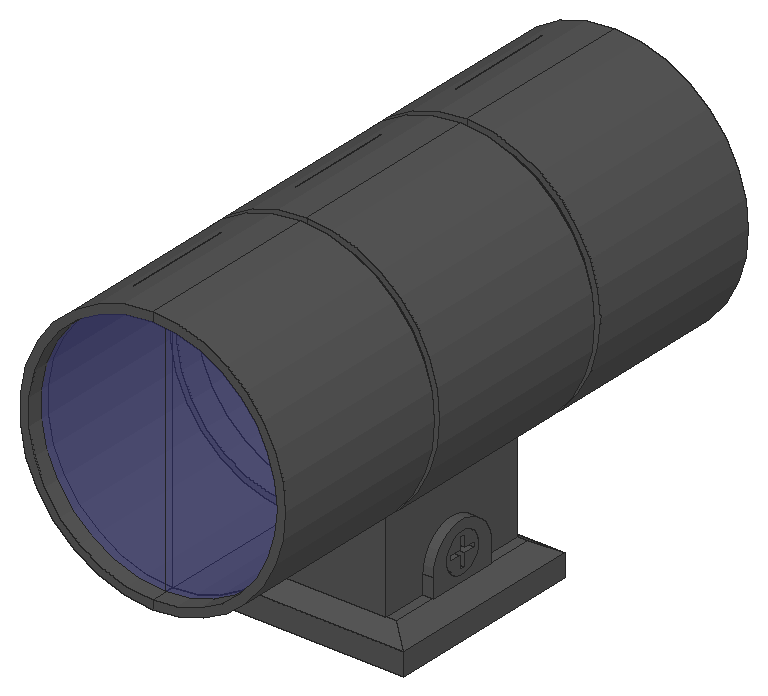
Revit family "CARLO CYLINDER LIGHT WALL MOUNT", category Lighting Fixtures, host Face, Revit 2020 (continued)
Types (10): name | Wattage_Input | Wattage Comments | Wattage | Photometric Web File | built-in parameter 1150142 | Model | built-in parameter 1150105 | Lumens | Light Length 1 | LIGHT RADIUS | LIGHT PLACEMENT | LIGHT LENGTH | LIGHT DIA | built-in parameter 1150106 | FIXED END HEIGHT | Curve base Height | Base Curve | BEAMING ANGLE | Apparent Load
    3 595.6 606.81 617.85 \r\n 628.64 639.17 649.41 659.28 668.84 678.07 687.17 696.46 705.55 714.17 \r\n 722.3 729.76 736.83 743.7 750.55 757.77 764.88 771.47 777.7 783.55 \r\n 789.2 794.88 800.41 805.76 810.75 815 819.07 823.59 827.93 831.5 \r\n 834.71 837.79 840.6 843 845.14 847.24 848.99 850.12 850.8 851.11 \r\n 849.27 \r\n2.1273 851.12 850.66 849.56 848.06 846.38 844.47 842.41 840 836.94 \r\n 833.69 830.71 827.64 824.21 820.54 816.6 812.53 808.52 804.31 799.68 \r\n 794.66 789.22 783.38 777.04 770.6 764.63 758.51 751.8 744.46 736.06 \r\n 727.34 719.15 710.76 701.62 691.97 681.65 671.21 661.33 651.38 640.86 \r\n 630.08 619.28 608.21 596.62 584.78 572.89 560.78 548.24 535.53 522.57 \r\n 510.26 499.9 490.27 480.54 470.91 461.23 451.8 443.03 434.43 425.48 \r\n 416.63 408.31 400.05 391.45 382.76 374.18 365.48 356.5 347.26 337.9 \r\n 327.89 317.31 304.61 287.55 268.29 248.14 227.54 207.39 187.64 168.59 \r\n 150 131.73 113.88 96.365 79.607 63.654 49.586 38.623 30.385 25.354 \r\n 22.155 19.584 17.605 15.731 14.118 12.752 11.657 10.909 10.332 9.7704 \r\n 9.242 8.6933 8.1829 7.7653 7.399 7.0605 6.7498 6.4603 6.1883 5.9249 \r\n 5.679 5.4659 5.2585 5.0271 4.7957 4.5788 4.3748 4.1924 4.0162 3.8288 \r\n 3.6444 3.474 3.3097 3.1481 2.9877 2.8212 2.6625 2.5284 2.4026 2.2712 \r\n 2.1428 2.0208 1.9067 1.8065 1.7113 1.6122 1.5158 1.4262 1.3421 1.2666 \r\n 1.1944 1.1205 1.048 0.97769 0.91156 0.85315 0.79882 0.74653 0.69503 0.64035 \r\n 0.58861 0.54738 0.50838 0.46327 0.41984 0.38545 0.35303 0.31538 0.28022 0.25467 \r\n 0.23332 0.21352 0.19414 0.17121 0.15064 0.14188 0.13039 0.098434 0.06498 0.046209 \r\n 0.032779 0.020047 0.010093 0.0036939 0.00011595 0 0 0 0 0 \r\n 0 0 0 0 0 0 0.00033901 0.018519 0.038476 0.046164 \r\n 0.053024 0.06748 0.084542 0.10118 0.11994 0.14375 0.16847 0.19053 0.21114 0.22899 \r\n 0.24818 0.2733 0.30171 0.332 0.3651 0.40146 0.44105 0.48567 0.53041 0.56809 \r\n 0.60734 0.6564 0.70919 0.76205 0.81586 0.86898 0.92525 0.98863 1.0571 1.1315 \r\n 1.2067 1.2741 1.3453 1.4363 1.537 1.6439 1.7523 1.8514 1.9556 2.0781 \r\n 2.2113 2.3554 2.5 2.6298 2.7601 2.902 3.0527 3.2163 3.3832 3.5386 \r\n 3.7013 3.8917 4.0894 4.2768 4.4658 4.6619 4.8667 5.0891 5.3129 5.5154 \r\n 5.7245 5.9641 6.2243 6.5038 6.8013 7.1118 7.4451 7.8074 8.2031 8.6434 \r\n 9.1144 9.5891 10.118 10.699 11.461 12.541 13.909 15.599 17.563 19.697 \r\n 22.204 24.829 28.842 35.288 44.586 58.085 74.043 91.122 109.46 128.81 \r\n 148.96 169.7 190.71 211.7 232.48 253.05 272.66 290.48 306.7 321.42 \r\n 334.05 343.39 351.44 360.07 368.47 376.23 383.94 392.22 400.48 408.11 \r\n 415.75 423.96 432.45 441.11 450.01 459.17 468.54 477.99 487.78 498.12 \r\n 509.12 521.12 533.59 546.08 558.66 571.42 583.89 595.51 606.72 617.83 \r\n 628.69 639.32 649.62 659.44 668.95 678.27 687.41 696.55 705.43 713.8 \r\n 721.81 729.56 736.95 743.74 750.42 757.54 764.61 771.32 777.67 783.42 \r\n 788.96 794.75 800.43 805.8 810.83 815.31 819.57 824.05 828.26 831.76 \r\n 834.89 837.92 840.68 843.07 845.22 847.29 849.02 850.14 850.81 851.09 \r\n 849.27 \r\n2.1273 851.18 850.74 849.53 847.92 846.29 844.42 842.24 839.76 836.89 \r\n 833.81 830.74 827.51 824.07 820.4 816.42 812.32 808.35 804.17 799.45 \r\n 794.36 788.97 783.28 777.26 771.03 764.77 758.28 751.48 744.13 735.69 \r\n 726.92 718.64 710.15 700.92 691.22 681.05 670.72 660.62 650.42 639.91 \r\n 629.17 618.26 607.1 595.6 583.82 571.75 559.45 546.93 534.32 521.49 \r\n 509.26 498.68 488.83 479.06 469.51 460 450.7 441.85 433.11 424.12 \r\n 415.25 406.91 398.61 389.89 381.11 372.59 363.97 354.96 345.67 336.33 \r\n 326.29 315.35 302.28 285.12 265.92 245.99 225.65 205.69 186.02 166.83 \r\n 148.09 129.76 111.98 94.75 78.337 62.635 48.756 37.875 29.704 24.836 \r\n 21.796 19.301 17.366 15.523 13.936 12.607 11.547 10.826 10.267 9.7053 \r\n 9.1736 8.6332 8.1342 7.7276 7.3719 7.043 6.7397 6.4525 6.1819 5.9235 \r\n 5.6826 5.471 5.2642 5.0333 4.8032 4.5911 4.3919 4.2105 4.0335 3.8442 \r\n 3.6581 3.4884 3.3253 3.1619 3.0016 2.8432 2.6922 2.5575 2.4279 2.2912 \r\n 2.1585 2.0385 1.9259 1.8186 1.7165 1.6184 1.5249 1.4368 1.3532 1.2764 \r\n 1.2033 1.1313 1.061 0.99096 0.9246 0.86615 0.81178 0.75923 0.70797 0.65525 \r\n 0.60547 0.56446 0.5252 0.47985 0.43668 0.40429 0.37385 0.33639 0.30094 0.27508 \r\n 0.25419 0.23791 0.22101 0.19495 0.16929 0.15405 0.13933 0.11612 0.091861 0.071959 \r\n 0.0536 0.034786 0.018472 0.0071598 0.00021222 0 0 0 0 0 \r\n 0 0 0 0 0 0 0.00021519 0.011785 0.024598 0.029613 \r\n 0.034756 0.045387 0.060168 0.080404 0.10353 0.12812 0.15211 0.17227 0.19076 0.20714 \r\n 0.22588 0.25323 0.28335 0.31067 0.34055 0.37751 0.41851 0.46349 0.50808 0.54446 \r\n 0.58287 0.63403 0.6887 0.73964 0.79149 0.84608 0.90458 0.96945 1.0386 1.1121 \r\n 1.1863 1.2543 1.3267 1.4173 1.5163 1.6197 1.7235 1.8168 1.9166 2.0403 \r\n 2.176 2.3197 2.4647 2.5996 2.7345 2.8753 3.0232 3.1841 3.3493 3.5069 \r\n 3.6718 3.8606 4.0561 4.2428 4.4323 4.6318 4.839 5.0578 5.2776 5.4814 \r\n 5.6927 5.9324 6.1923 6.4717 6.7692 7.0799 7.4128 7.7727 8.1662 8.6077 \r\n 9.0779 9.5421 10.062 10.649 11.42 12.501 13.875 15.591 17.586 19.746 \r\n 22.267 24.869 28.869 35.413 44.725 57.854 73.473 90.624 109.26 129.18 \r\n 149.84 170.62 191.53 212.54 233.21 253.18 272.26 290.3 306.93 321.83 \r\n 334.62 344.14 352.32 360.94 369.3 377.09 384.84 393.14 401.4 409.01 \r\n 416.64 424.91 433.46 442.1 450.99 460.28 469.78 479.26 488.97 498.93 \r\n 509.52 521.35 533.74 546.18 558.73 571.34 583.68 595.25 606.46 617.63 \r\n 628.58 639.31 649.69 659.48 668.97 678.39 687.62 696.59 705.24 713.35 \r\n 721.23 729.31 737.06 743.81 750.34 757.32 764.31 771.11 777.57 783.28 \r\n 788.78 794.65 800.43 805.8 810.87 815.6 820.08 824.49 828.56 831.97 \r\n 835.02 837.99 840.73 843.13 845.3 847.34 849.03 850.15 850.82 851.09 \r\n 849.27 \r\n2.1273 851.25 850.8 849.5 847.8 846.2 844.38 842.09 839.53 836.84 \r\n 833.94 830.78 827.43 823.95 820.27 816.27 812.14 808.19 804.02 799.21 \r\n 794.06 788.7 783.13 777.44 771.45 764.91 758.04 751.12 743.73 735.26 \r\n 726.46 718.08 709.48 700.14 690.4 680.38 670.16 659.84 649.4 638.91 \r\n 628.23 617.21 605.94 594.54 582.83 570.57 558.08 545.56 533.04 520.37 \r\n 508.22 497.44 487.36 477.56 468.06 458.72 449.57 440.62 431.75 422.72 \r\n 413.83 405.46 397.11 388.28 379.41 370.97 362.43 353.39 344.04 334.74 \r\n 324.64 313.29 299.82 282.58 263.47 243.8 223.75 203.97 184.37 165.04 \r\n 146.1 127.69 109.93 92.965 76.885 61.455 47.801 37.036 28.964 24.286 \r\n 21.423 19.01 17.117 15.307 13.746 12.455 11.431 10.738 10.198 9.6378 \r\n 9.1046 8.5738 8.0872 7.6926 7.3482 7.0288 6.7323 6.4469 6.1773 5.9239 \r\n 5.6877 5.4772 5.2705 5.0401 4.8117 4.6046 4.41 4.2291 4.0509 3.8592 \r\n 3.6711 3.5024 3.3405 3.1752 3.0146 2.8641 2.7207 2.5854 2.4519 2.3098 \r\n 2.1727 2.0546 1.9437 1.83 1.7214 1.6243 1.5337 1.4468 1.3637 1.286 \r\n 1.2121 1.1418 1.0734 1.0037 0.93725 0.87888 0.82454 0.77167 0.72053 0.66959 \r\n 0.62161 0.58079 0.5413 0.49581 0.45296 0.42239 0.39379 0.35673 0.32117 0.29477 \r\n 0.27396 0.2607 0.24599 0.2173 0.18713 0.16549 0.14742 0.13256 0.1172 0.096394 \r\n 0.073488 0.048895 0.026494 0.010481 0.00030422 0 0 0 0 0 \r\n 0 0 0 0 0 0 0.000097 0.0051584 0.011185 0.014546 \r\n 0.01901 0.026307 0.038934 0.062391 0.08941 0.11459 0.13784 0.15626 0.17281 0.1879 \r\n 0.20625 0.23563 0.26732 0.2921 0.31916 0.35649 0.39849 0.44346 0.48766 0.52296 \r\n 0.56078 0.61379 0.67006 0.7192 0.76927 0.82535 0.88598 0.95198 1.0216 1.094 \r\n 1.1673 1.2361 1.3097 1.3996 1.4966 1.5963 1.6956 1.7835 1.8792 2.0038 \r\n 2.1415 2.2846 2.4298 2.5699 2.7094 2.8489 2.9939 3.1525 3.3163 3.4759 \r\n 3.6426 3.8295 4.0228 4.2089 4.399 4.6016 4.8111 5.0262 5.2423 5.4479 \r\n 5.662 5.9013 6.1603 6.4396 6.737 7.0472 7.379 7.7364 8.1275 8.5701 \r\n 9.0399 9.4948 10.007 10.598 11.376 12.453 13.828 15.567 17.589 19.773 \r\n 22.305 24.879 28.858 35.497 44.811 57.533 72.763 89.93 108.79 129.19 \r\n 150.29 171.06 191.84 212.85 233.42 252.83 271.45 289.73 306.77 321.89 \r\n 334.87 344.62 352.98 361.63 369.97 377.82 385.61 393.92 402.18 409.79 \r\n 417.45 425.78 434.38 442.99 451.86 461.24 470.83 480.35 489.98 499.57 \r\n 509.75 521.39 533.66 546.06 558.56 571.04 583.26 594.78 606.01 617.22 \r\n 628.25 639.09 649.56 659.34 668.82 678.38 687.69 696.51 704.93 712.81 \r\n 720.59 728.99 737.08 743.84 750.26 757.09 763.96 770.82 777.37 783.09 \r\n 788.6 794.51 800.34 805.73 810.85 815.82 820.51 824.85 828.78 832.1 \r\n 835.09 838.02 840.74 843.18 845.38 847.37 849.01 850.14 850.82 851.09 \r\n 849.27 \r\n2.1273 851.29 850.84 849.47 847.7 846.14 844.34 841.97 839.36 836.83 \r\n 834.08 830.87 827.42 823.91 820.21 816.2 812.06 808.09 803.88 799.01 \r\n 793.8 788.48 783.03 777.66 771.89 765.1 757.89 750.83 743.36 734.87 \r\n 726.05 717.57 708.84 699.4 689.62 679.73 669.6 659.09 648.45 637.99 \r\n 627.38 616.26 604.9 593.57 581.92 569.52 556.86 544.33 531.86 519.33 \r\n 507.28 496.34 486.07 476.23 466.77 457.57 448.53 439.5 430.5 421.45 \r\n 412.54 404.12 395.71 386.78 377.85 369.46 361 351.93 342.53 333.26 \r\n 323.09 311.31 297.43 280.14 261.17 241.79 222.05 202.43 182.88 163.4 \r\n 144.28 125.76 107.99 91.217 75.411 60.234 46.809 36.186 28.243 23.762 \r\n 21.078 18.742 16.887 15.106 13.568 12.311 11.321 10.654 10.132 9.5756 \r\n 9.0437 8.5231 8.0488 7.6659 7.332 7.0206 6.7296 6.4453 6.176 5.9267 \r\n 5.6943 5.484 5.2768 5.0472 4.8205 4.6178 4.4271 4.246 4.0661 3.8718 \r\n 3.6816 3.514 3.3534 3.1861 3.0248 2.8807 2.7437 2.6078 2.4711 2.324 \r\n 2.1828 2.0667 1.9576 1.8389 1.7253 1.6289 1.5404 1.4546 1.3719 1.2937 \r\n 1.2195 1.1502 1.0831 1.0136 0.94719 0.88897 0.83469 0.78153 0.73041 0.68077 \r\n 0.63414 0.59345 0.5538 0.50827 0.46573 0.43649 0.40927 0.37278 0.33731 0.31016 \r\n 0.28897 0.27777 0.26466 0.2343 0.20097 0.17395 0.15285 0.1446 0.13641 0.11504 \r\n 0.088725 0.059765 0.032722 0.013071 0.00037568 0 0 0 0 0 \r\n 0 0 0 0 0 0 0 0 0 0.0029607 \r\n 0.0079125 0.012896 0.023841 0.04963 0.079451 0.105 0.12763 0.14477 0.15988 0.17394 \r\n 0.19194 0.2228 0.25569 0.27882 0.30396 0.34137 0.38376 0.42826 0.47183 0.50651 \r\n 0.54413 0.59837 0.65562 0.70328 0.75199 0.80947 0.87191 0.93842 1.008 1.0795 \r\n 1.1521 1.2218 1.2964 1.3853 1.4803 1.5769 1.6725 1.7578 1.849 1.9738 \r\n 2.1126 2.2552 2.4008 2.5452 2.6886 2.8269 2.9692 3.1262 3.2893 3.45 \r\n 3.6178 3.8028 3.9939 4.1797 4.3705 4.5757 4.7868 4.9987 5.2115 5.4194 \r\n 5.6363 5.8749 6.1324 6.4116 6.7086 7.0175 7.3474 7.7023 8.0914 8.5341 \r\n 9.0029 9.4507 9.9562 10.55 11.33 12.398 13.769 15.525 17.569 19.772 \r\n 22.311 24.849 28.791 35.487 44.766 57.082 71.913 89.028 108.01 128.71 \r\n 150.08 170.8 191.45 212.43 232.91 251.9 270.19 288.69 306.11 321.49 \r\n 334.71 344.74 353.32 362.03 370.38 378.3 386.15 394.45 402.71 410.37 \r\n 418.08 426.47 435.11 443.66 452.47 461.89 471.53 481.08 490.63 499.9 \r\n 509.72 521.14 533.28 545.62 558.09 570.46 582.58 594.09 605.32 616.56 \r\n 627.64 638.58 649.15 658.95 668.44 678.14 687.54 696.23 704.46 712.16 \r\n 719.88 728.55 736.93 743.76 750.13 756.81 763.53 770.42 777.04 782.81 \r\n 788.36 794.28 800.11 805.52 810.73 815.92 820.79 825.08 828.88 832.13 \r\n 835.08 837.99 840.71 843.21 845.45 847.4 848.98 850.1 850.8 851.09 \r\n 849.27 \r\n2.1273 851.19 850.66 849.41 847.77 846.17 844.32 842.02 839.5 836.97 \r\n 834.23 831.14 827.81 824.33 820.64 816.69 812.59 808.5 804.16 799.2 \r\n 794 788.87 783.65 778.38 772.65 765.89 758.65 751.42 743.76 735.24 \r\n 726.4 717.83 709.01 699.45 689.55 679.61 669.46 658.96 648.37 638.04 \r\n 627.53 616.4 605 593.64 581.99 569.68 557.09 544.47 531.91 519.41 \r\n 507.43 496.62 486.44 476.57 467.02 457.72 448.6 439.54 430.53 421.46 \r\n 412.52 404 395.5 386.53 377.57 369.16 360.68 351.59 342.17 332.89 \r\n 322.64 310.52 296.38 279.25 260.6 241.61 222.19 202.61 182.99 163.5 \r\n 144.35 125.73 107.84 90.901 74.956 59.745 46.355 35.846 28.04 23.663 \r\n 21.055 18.743 16.889 15.106 13.562 12.305 11.315 10.651 10.134 9.5886 \r\n 9.0676 8.5512 8.0793 7.7008 7.3697 7.0557 6.7606 6.4743 6.203 5.9496 \r\n 5.7131 5.4995 5.2904 5.0614 4.8358 4.6324 4.4401 4.2565 4.0736 3.8759 \r\n 3.6832 3.5169 3.3577 3.1888 3.0243 2.8755 2.7346 2.6 2.4651 2.3165 \r\n 2.1737 2.0587 1.9518 1.8366 1.7257 1.6284 1.5382 1.4509 1.3677 1.2914 \r\n 1.2187 1.1473 1.0774 1.0071 0.94036 0.88194 0.82764 0.77482 0.72363 0.67225 \r\n 0.62388 0.58316 0.54384 0.49823 0.45522 0.42454 0.39606 0.36016 0.32517 0.29653 \r\n 0.2733 0.25984 0.24564 0.21795 0.18793 0.16273 0.14156 0.12859 0.11599 0.095492 \r\n 0.072574 0.049092 0.027625 0.011182 0.00031737 0 0 0 0 0 \r\n 0 0 0 0 0 0 0.000026 0.00048063 0.0030266 0.010313 \r\n 0.019786 0.027906 0.040278 0.063966 0.091043 0.11579 0.13864 0.15742 0.17414 0.18809 \r\n 0.20527 0.23448 0.26664 0.29308 0.32136 0.35753 0.39749 0.44008 0.48259 0.51892 \r\n 0.55803 0.61028 0.66526 0.71302 0.76248 0.82075 0.88324 0.94719 1.0142 1.086 \r\n 1.1597 1.231 1.3068 1.3941 1.4874 1.5855 1.6839 1.7713 1.8666 1.9897 \r\n 2.1263 2.2697 2.4162 2.5591 2.7009 2.8387 2.9814 3.1409 3.3056 3.4631 \r\n 3.6268 3.8106 4.0015 4.1879 4.3793 4.5835 4.7933 5.0038 5.2161 5.4263 \r\n 5.6451 5.8822 6.1373 6.4155 6.7107 7.0143 7.3394 7.6953 8.0847 8.5202 \r\n 8.9818 9.4302 9.9362 10.526 11.294 12.334 13.68 15.434 17.481 19.687 \r\n 22.204 24.679 28.496 34.95 43.952 56.038 70.635 87.501 106.17 126.35 \r\n 147.24 167.85 188.49 209.39 229.87 249.16 267.75 286.15 303.52 319.43 \r\n 333.27 343.64 352.45 361.28 369.7 377.72 385.64 393.9 402.12 409.94 \r\n 417.83 426.24 434.82 443.23 451.87 461.11 470.6 480.06 489.57 498.84 \r\n 508.63 519.87 531.81 544.05 556.47 568.91 581.12 592.67 603.9 615.05 \r\n 626.05 637.03 647.69 657.61 667.22 676.95 686.35 695.05 703.31 711.14 \r\n 718.97 727.62 736 743.02 749.57 756.22 762.85 769.67 776.25 782.07 \r\n 787.66 793.48 799.23 804.77 810.14 815.41 820.33 824.64 828.46 831.77 \r\n 834.79 837.8 840.63 843.22 845.51 847.41 848.91 849.97 850.65 851.03 \r\n 849.27 \r\n2.1273 851.06 850.46 849.34 847.87 846.21 844.3 842.11 839.7 837.13 \r\n 834.38 831.44 828.27 824.81 821.12 817.25 813.18 808.97 804.47 799.43 \r\n 794.25 789.34 784.33 779.11 773.39 766.71 759.49 752.08 744.23 735.66 \r\n 726.8 718.16 709.24 699.57 689.57 679.54 669.35 658.9 648.4 638.19 \r\n 627.77 616.65 605.22 593.82 582.16 569.97 557.48 544.77 532.09 519.6 \r\n 507.7 497.05 487.02 477.11 467.46 458.04 448.81 439.72 430.71 421.62 \r\n 412.65 404.04 395.43 386.43 377.45 369 360.47 351.38 341.95 332.64 \r\n 322.3 309.86 295.47 278.52 260.2 241.59 222.48 202.91 183.23 163.75 \r\n 144.59 125.88 107.84 90.672 74.519 59.248 45.891 35.524 27.882 23.605 \r\n 21.06 18.765 16.906 15.118 13.568 12.306 11.314 10.649 10.135 9.6029 \r\n 9.0957 8.5843 8.1148 7.7397 7.4099 7.0917 6.7913 6.5028 6.2292 5.9709 \r\n 5.7293 5.512 5.3006 5.0723 4.8477 4.643 4.4483 4.2618 4.0758 3.875 \r\n 3.6803 3.5151 3.3572 3.1868 3.0192 2.864 2.7178 2.5846 2.4524 2.3032 \r\n 2.1598 2.0454 1.9405 1.8303 1.7236 1.6253 1.5326 1.4436 1.3599 1.2858 \r\n 1.2149 1.1408 1.0677 0.99661 0.92985 0.87131 0.81702 0.76456 0.71321 0.65975 \r\n 0.6093 0.56846 0.52948 0.48392 0.44049 0.40787 0.3777 0.34253 0.30825 0.27809 \r\n 0.25254 0.2358 0.21987 0.19588 0.17062 0.14852 0.12778 0.1082 0.089253 0.069917 \r\n 0.051506 0.034845 0.020383 0.0083781 0.00023442 0 0 0 0 0 \r\n 0 0 0 0 0 0 0.000075 0.0026712 0.008619 0.020951 \r\n 0.035511 0.047636 0.061882 0.082509 0.10574 0.12959 0.1529 0.17371 0.19245 0.20663 \r\n 0.22311 0.25011 0.2811 0.31152 0.3437 0.37852 0.41571 0.45605 0.4973 0.53566 \r\n 0.57655 0.62624 0.67838 0.72662 0.77726 0.83613 0.89828 0.9592 1.0234 1.0957 \r\n 1.1706 1.2436 1.3204 1.4057 1.4975 1.5978 1.6998 1.7923 1.8914 2.0124 \r\n 2.146 2.2903 2.4378 2.5783 2.7174 2.8547 2.9982 3.161 3.3278 3.4816 \r\n 3.6408 3.8233 4.0141 4.2014 4.3934 4.596 4.804 5.0137 5.2263 5.4386 \r\n 5.6592 5.8948 6.1475 6.4245 6.7176 7.0155 7.3355 7.6924 8.0822 8.5094 \r\n 8.963 9.4142 9.9223 10.505 11.259 12.268 13.584 15.329 17.372 19.576 \r\n 22.069 24.48 28.161 34.332 43.025 54.919 69.304 85.864 104.11 123.59 \r\n 143.85 164.3 184.93 205.74 226.25 245.99 265 283.27 300.57 317.02 \r\n 331.5 342.23 351.27 360.25 368.76 376.89 384.89 393.1 401.29 409.3 \r\n 417.36 425.79 434.29 442.56 451.01 460.03 469.32 478.68 488.16 497.49 \r\n 507.32 518.37 530.09 542.23 554.62 567.16 579.49 591.1 602.34 613.39 \r\n 624.29 635.3 646.03 656.1 665.84 675.57 684.97 693.71 702.06 710.07 \r\n 718.05 726.61 734.92 742.16 748.94 755.57 762.11 768.85 775.39 781.27 \r\n 786.92 792.6 798.24 803.92 809.46 814.79 819.75 824.09 827.97 831.34 \r\n 834.45 837.58
